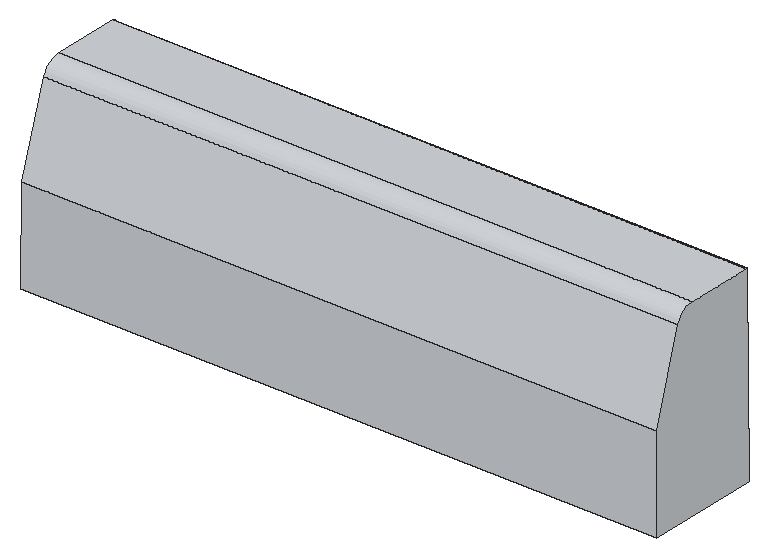
Revit family "Бордюр БР 100-30-18 180х300х1000L", category Обобщенные модели, Revit 2023
Family settings
  Может служить основой для арматурных стержней = Нет
  Размер круглого соединителя = Использовать диаметр
  Тип детали = Нормальный
  На основе рабочей плоскости = Нет
  Всегда вертикально = Нет
  При загрузке вырезать с полостями = Нет
  Сохранять ориентацию аннотаций = Нет
  Общий = Нет
  Точка принадлежности помещению = Нет
Parameters (values of type "Бордюр БР 100-30-18 180х300х1000L")
  Ширина по верху = 126 mm
  Фаска = 150 mm
  Скос = 2 mm
  Отметка по умолчанию = 0 mm
  R2 = 30 mm
  R1 = 1 mm
  ADSK_Размер_Ширина = 180 mm
  ADSK_Размер_Длина = 1000 mm
  ADSK_Размер_Высота = 300 mm
Reference planes
  plane 1 "По центру (Вперед/Назад)": y = 0
  plane 2: z = 0
  plane 3 "По центру (Влево/Вправо)": x = 0
  plane 4: y = -90
  plane 5: y = 90
  plane 6: z = 300
  plane 7: x = 500
  plane 8: x = -500
  plane 9: y = -88
  plane 10: y = -36
  plane 11: z = 150
  plane 12: x = -498
  plane 13: x = 498
Forms (mm)
  Extrusion 1, solid
    sketch origin (0, -15, 0) x (0, 1, 0) y (0, 0, 1)
      loop
        line (105, 0) -> (105, 299)
        arc (105, 299) -> (104.707, 299.707) -> (104, 300) r 1
        line (104, 300) -> (-2.136, 300)
        arc (-2.136, 300) -> (-19.742, 294.291) -> (-30.647, 279.336) r 30
        line (-30.647, 279.336) -> (-73, 150) -> (-75, 0) -> (105, 0)
    from -500 to 500
  Extrusion 2, void
    sketch origin (0, 0, 0) x (1, 0, 0) y (0, 0, 1)
      loop
        line (-500, 300) -> (-500, 0) -> (-498, 300) -> (-500, 300)
      loop
        line (500, 300) -> (498, 300) -> (500, 0) -> (500, 300)
    from -90 to 90
Cuts and joins
  Extrusion 2 cuts Extrusion 1
Dimensions and locks
  equal spacing: plane 4, plane 1 "По центру (Вперед/Назад)", plane 5
  "ADSK_Размер_Ширина": plane 4 to plane 5
  equal spacing: plane 8, plane 3 "По центру (Влево/Вправо)", plane 7
  "ADSK_Размер_Длина": plane 8 to plane 7
  "ADSK_Размер_Высота": plane 6 to plane 2
  "Скос": plane 9 to plane 4
  "Ширина по верху": plane 5 to plane 10
  "Фаска": plane 6 to plane 11
  "Скос": plane 8 to plane 12
  "Скос": plane 13 to plane 7
  "R1": radius of Extrusion 1 sketch curve
  "R2": radius of Extrusion 1 sketch curve
  aligned and locked: level to plane 2
  aligned and locked: level to Extrusion 1 sketch curve
  aligned and locked: plane 5 to Extrusion 1 sketch curve
  aligned and locked: Extrusion 1 sketch curve to plane 6
  aligned and locked: Extrusion 1 to plane 8
  aligned and locked: plane 7 to Extrusion 1
  aligned and locked: cut or joined group of Extrusion 1, Extrusion 2 to plane 5
  aligned and locked: plane 4 to cut or joined group of Extrusion 1, Extrusion 2
  aligned and locked: plane 4 to Extrusion 2
Automatic sketch dimensions
  Extrusion 1 sketch curve to plane 4 = 0 mm
  Extrusion 1 sketch curve to plane 9 = 0 mm
  Extrusion 1 sketch curve to plane 11 = 0 mm
  plane 10 to Extrusion 1 sketch curve = 9.647 mm
  Extrusion 2 sketch curve to plane 6 = 0 mm  (x2)
  Extrusion 2 sketch curve to plane 8 = 0 mm
  Extrusion 2 sketch curve to plane 12 = 0 mm
  Extrusion 2 sketch curve to plane 13 = 0 mm
  Extrusion 2 sketch curve to level = 0 mm  (x2)
  Extrusion 2 sketch curve to plane 7 = 0 mm
